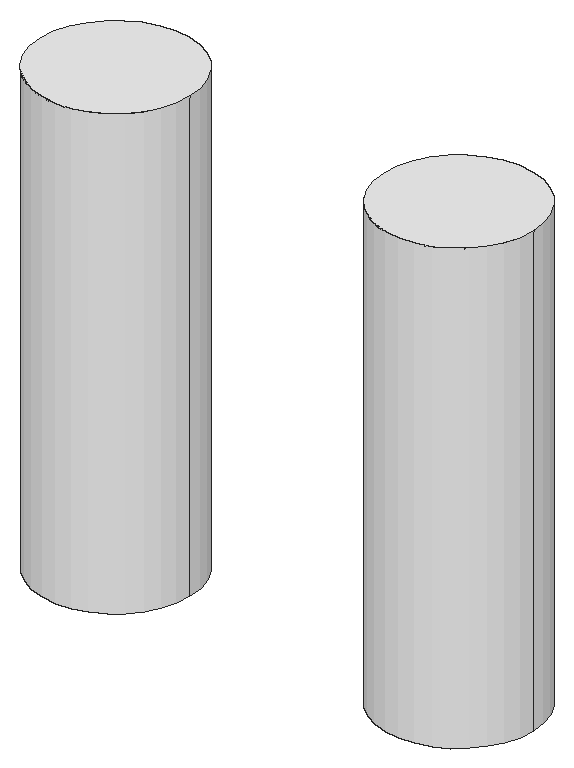
Revit family "52202267(2023)", category Plumbing Fixtures, Revit 2020
Family settings
  Round Connector Dimension = Use Diameter
  Part Type = Normal
  OmniClass Number = 23.45.55.00
  OmniClass Title = Sanitary Faucets, Wastes
  Work Plane-Based = No
  Always vertical = Yes
  Cut with Voids When Loaded = No
  Shared = No
  Room Calculation Point = No
Parameters (values of type "52202267 HANSAVANTIS")
  Working Pressure = "50 - 1000 kPa"
  WarrantyStartDate [instance] = "n/a"
  WarrantyGuarantorParts = "n/a"
  WarrantyGuarantorLabor = "n/a"
  WarrantyDurationUnit = "Year"
  WarrantyDurationParts = "n/a"
  WarrantyDurationLabor = "n/a"
  WarrantyDescription = "http://warranty.hansa.com"
  Warranty Information URL = "http://warranty.hansa.com"
  VersionDate = "16/01/2024"
  Version = "1"
  ValvePattern = "n/a"
  ValveOperation = "n/a"
  ValveMechanism = "n/a"
  Uniclass2015Reference = "Pr_40_20_87_96"
  Uniclass2015Description = "Washbasin manual water supply sets"
  Uniclass2 = "Pr_40_30_96_96"
  URL UWL = "http://static.hansa.com/UWL/52202267"
  URL REACH = "http://static.hansa.com/doc/reach"
  URL EcoLabel Declaration = "http://static.hansa.com/doc/EcoLabel"
  URL EU Packaging Declaration = "http://static.hansa.com/doc/packaging"
  URL Declaration of SCIP = "http://static.hansa.com/doc/SCIP"
  URL Declaration of Conformity = "http://static.hansa.com/DoC/52202267"
  URL Declaration of Asbestos = "http://static.hansa.com/doc/asbestos"
  URL Declaration Of Performance (DOP) = "http://static.hansa.com/doc/DoP"
  URL = ""
  UNSPSC Class Number = "30181700 Faucets or taps"
  TestPressure = "n/a"
  Temperature Adjustments = "Limitation option for maximum temperature and flow-rate "
  Technical DataSheet URL = "http://www.hansa.com/datasheet/52202267/en"
  TagNumber [instance] = "n/a"
  SustainabilityPerformance = "n/a"
  Surface treatment = "Chrome"
  Spout Type = "Swivel spout"
  Spout Swivel Range = "120°"
  Spout Projection = "247 mm"
  Spare-Part Information URL = "http://static.hansa.com/sp/52202267"
  Size = "54x261.5x338 mm"
  Shape = "Sculptured"
  SerialNumber [instance] = "n/a"
  Sales Package dimensions (LxWxH) = "508 x 249 x 96"
  Revision = "n/a"
  ReplacementCost = "n/a"
  ProductInformation = "Kitchen faucet with high spout"
  Product URL = "http://static.hansa.com/52202267"
  Product Image URL = "http://static.hansa.com/image/52202267"
  Product Family = "null Single-lever, side operated"
  Product Code = "52202267"
  OperatingMechanismMaterial = "n/a"
  NominalWidth = 46.5 mm
  NominalHeight = 361 mm
  NominalDepth = 247 mm
  Noise Class = "I (ISO 3822)"
  Name_en = "52202267 HANSAVANTIS"
  Name = "52202267 HANSAVANTIS"
  NBSReference = "45-35-70/371"
  NBSDescription = "Water supply fittings for wash basins and troughs"
  ModelReference = "52202267"
  ModelNumber = "n/a"
  Model = "52202267 HANSAVANTIS"
  Mobile Product Information URL = "http://mpi.hansa.com/52202267"
  Mechanical Parts = "30Cartridge"
  Max. Hot Water Supply = 70 °C
  Material = "Brass"
  Market = "International;Germany;Austria;Belgium;Netherlands;Czech Republic;Slovakia;Italy"
  ManufacturerURL = "http://www.hansa.com"
  ManufacturerName = "HANSA"
  Manufacturer = "HANSA"
  Lever Handle = "Single operating lever/handle;Pin shape;Hot/Cold symbols"
  Interactive AR View URL = "https://static.hansa.com/AR/52202267"
  InstallationDate [instance] = "n/a"
  Installation and Maintenance Guide URL = "http://static.hansa.com/manual/52202267"
  Installation Type = "Deck mounted"
  InletConnectionSize = 10 mm
  IfcExportType = "FAUCET"  # constant formula
  IfcExportAs = "IfcValveType"  # constant formula
  Group = "Sales item"
  Grade = "n/a"
  FlowCoefficient = 0
  Flow Rate At 300kPa With Flow Controller = 0.18 L/s
  Flow Drawing URL = "http://static.hansa.com/flowchart/52202267"
  Finish = "Polished"
  Features = "Kitchen faucet"
  FaucetMainMaterial = Chrome
  FDV Document URL = "http://www.hansa.com/datasheet/52202267/en/fdv"
  ExpectedLife = "n/a"
  ETIM Class Number = "EC011431 Kitchen mixing tap"
  EAN Number = "4057304019814"
  DurationUnit = "Year"
  Dimension Drawing URL = "http://static.hansa.com/dimdrw/52202267"
  Description = ""
  DefaultElevation [instance] = 900 mm
  Default Elevation = 0 mm
  Constituents = "n/a"
  Connection Size = "G3/8"
  Connection = "Flexible inlet pipes"
  Color = "Chrome"
  CodePerformance = "n/a"
  CloseOffRating = 0
  Catalog Drawing URL = "http://static.hansa.com/catdrw/52202267"
  Brand = "HANSA"
  BodyMaterial = "Brass"
  Barcode [instance] = "n/a"
  BIMObjectName = "52202267(2023)"
  Author = "BIMStone"
  AssetType = "Fixed"
  AssetIdentifier [instance] = "n/a"
  Aerator = "Standard aerator"
  Advanced Features = "Inner body made of DZR brass"
  AccessibilityPerformance = "n/a"
  3D View = "https://static.hansa.com/AR/52202267"
  2D/3D/BIM Files URL = "http://static.hansa.com/bim/52202267"
Reference planes
  plane 1 "Center (Front/Back)": y = 0
  plane 2: z = 0
  plane 3 "Center (Left/Right)": x = 0
  plane 4: x = -23.25
  plane 5: z = 900
  plane 6: z = 870
  plane 7: x = 23.25
  plane 8: y = -247
  plane 9: z = 1261
  plane 10: x = 73.906
Forms (mm)
  Extrusion 1, solid, material "Chrome" <- "FaucetMainMaterial"
    sketch origin (0, 47.989, 0) x (1, 0, 0) y (0, 1, 0)
      loop
        circle (-11.5, -71.208) r 5
      loop
        circle (11.5, -71.208) r 5
    from 870 to 900
Dimensions and locks
  "DefaultElevation": plane 5 to level
  locked: plane 5 to plane 6 at 30
  equal spacing: plane 4, plane 3 "Center (Left/Right)", plane 7
  "NominalWidth": plane 4 to plane 7
  "NominalDepth": plane 8 to plane 1 "Center (Front/Back)"
  "NominalHeight": plane 9 to plane 5
  plane 4 to plane 10 = 97.156 mm
  "InletConnectionSize": diameter of Extrusion 1 sketch curve  (x2)
  aligned and locked: level to plane 2
  aligned and locked: plane 5 to Extrusion 1
  aligned and locked: Extrusion 1 to plane 6
  aligned and locked: nested 2 to plane 5
Automatic sketch dimensions
  plane 3 "Center (Left/Right)" to Extrusion 1 sketch curve = 11.5 mm
  Extrusion 1 sketch curve to plane 3 "Center (Left/Right)" = 11.5 mm
  plane 1 "Center (Front/Back)" to Extrusion 1 sketch curve = 23.219 mm  (x2)
Nested families
  nested 1: "Symbol" at (0, 0, 0), type "Symbol", detail levels coarse
  nested 2: "52202267(2023)_p" at (0, 0, 900), Body <- "FaucetMainMaterial", type "52202267(2023)_p"
    with Body Chrome
Connectors
  piping at (-11.5, -23.219, 870), diameter 10, driven by "InletConnectionSize"
    settings: on Extrusion 1, index 1, connector inside diameter 609.6 mm, connector length 0 mm, flow factor 0, pipe flow 0.0 L/s, pressure drop 0.0 Pa, fitting loss kfactor 0, connector angle 0.00°, fixture units 0, engagement length 0 mm, angle of deflection 0.00°, flow configuration 1, flow direction 1, fitting loss method 0, system type 19, joint type 0, gender type 0, connector reference index -1, connector utility 0, adjustable connector no, is connector primary yes, connector description ""
  piping at (11.5, -23.219, 870), diameter 10, driven by "InletConnectionSize"
    settings: on Extrusion 1, index 2, connector inside diameter 609.6 mm, connector length 0 mm, flow factor 0, pipe flow 0.0 L/s, pressure drop 0.0 Pa, fitting loss kfactor 0, connector angle 0.00°, fixture units 0, engagement length 0 mm, angle of deflection 0.00°, flow configuration 1, flow direction 1, fitting loss method 0, system type 20, joint type 0, gender type 0, connector reference index -1, connector utility 0, adjustable connector no, is connector primary no, connector description ""
Definition of nested family "Symbol"
  Reference planes
    plane 1: y = 0
    plane 2: x = 0
  Lines and regions (mm)
    detail lines
      curve 1: line (0, 0, 0) -> (0, -1.8, 0)
      curve 2: line (-0.4, -1.1, 0) -> (0.4, -1.1, 0)
      curve 3: line (-0.4, -1.4, 0) -> (0.4, -1.4, 0)
      curve 4: line (0.863, 0, 0) -> (-0.863, 0, 0)
      curve 5: circle (-1.163, 0, 0) r 0.3 normal (0, 0, -1)
      curve 6: circle (1.163, 0, 0) r 0.3 normal (0, 0, 1)
Definition of nested family "52202267(2023)_p"
  Parameters
    Default Elevation = 0 mm
    Body [instance] = none
  Reference planes
    plane 1 "Center (Front/Back)": y = 0
    plane 2: z = 0
    plane 3 "Center (Left/Right)": x = 0
    plane 4: y = -246.993
    plane 5: z = 361
    plane 6: x = -23.227
    plane 7: x = 23.227
    plane 8: x = 73.906
  Forms (mm)
    Revolve 1, solid, material <- "Body", detail levels medium
      sketch origin (0, -23.231, 0) x (1, 0, 0) y (0, 0, 1)
        loop
          line (0, 0) -> (0, 119.955) -> (-11.41, 119.955) -> (-11.41, 116.651)
          arc (-11.41, 116.651) -> (-14.514, 109.159) -> (-22.006, 106.055) r 10.596
          line (-22.006, 106.055) -> (-23.227, 106.055) -> (-23.227, 0) -> (0, 0)
        axis (0, 119.955) -> (0, 0)
      angle from 0 to 360
    Sweep 2, solid, material <- "Body", detail levels medium
      path origin (0, 0, 0) x (0, 1, 0) y (0, 0, 1)
        loop
          line (-23.231, 119.955) -> (-23.231, 244.483)
          arc (-23.231, 244.483) -> (-109.998, 347.888) -> (-226.898, 280.395) r 105
          line (-226.898, 280.395) -> (-237.859, 250.28)
      profile origin (0, -23.231, 182.219) x (0, -1, 0) y (1, 0, 0)
        loop
          circle (0, 0) r 11.41
    Extrusion 3, solid, material <- "Body", detail levels medium
      sketch origin (0, 0, 0) x (0, 1, 0) y (0, 0, 1)
        loop
          circle (-23.35, 63.254) r 21
      from 0 to 73.906
    Revolve 4, solid, material <- "Body", detail levels medium
      sketch origin (68.39, 0, 0) x (0, 1, 0) y (0, 0, 1)
        loop
          line (-63.264, 132.518) -> (-30.764, 76.226) -> (-26.236, 78.84) -> (-57.737, 133.4)
          arc (-57.737, 133.4) -> (-58.951, 134.332) -> (-60.467, 134.132) r 1.999
          line (-60.467, 134.132) -> (-63.264, 132.518)
        axis (-63.264, 132.518) -> (-30.764, 76.226)
      angle from 0 to 360
    Extrusion 5, solid, material <- "Body", detail levels coarse
      sketch origin (0, 0, 0) x (1, 0, 0) y (0, 1, 0)
        loop
          line (-23.227, 0) -> (-23.227, -246.993) -> (73.906, -246.993) -> (73.906, 0) -> (-23.227, 0)
      from 0 to 361
  Cuts and joins
    joined: Revolve 1, Sweep 2, Extrusion 3, Revolve 4
  Lines and regions (mm)
    symbolic lines, detail levels medium+fine
      curve 1: line (0, 0, 0) -> (0, -46.438, 0)
      curve 2: line (0, -46.438, 0) -> (0, -46.438, 92.61)
      curve 7: line (0, -46.438, 92.61) -> (0, -66.819, 128.206)
      curve 8: line (0, -60.47, 134.13) -> (0, -66.019, 130.953)
      curve 9: arc (0, -66.019, 130.953) -> (0, -66.974, 129.741) -> (0, -66.819, 128.206) r 2.06
      curve 10: arc (0, -57.729, 133.385) -> (0, -58.945, 134.326) -> (0, -60.47, 134.13) r 2.009
      curve 11: line (0, -57.729, 133.385) -> (0, -42.195, 106.777)
      curve 12: arc (0, -42.195, 106.777) -> (0, -36.46, 111.019) -> (0, -34.607, 117.907) r 10.828
      curve 13: line (0, -34.607, 117.907) -> (0, -34.607, 245.499)
      curve 14: arc (0, -34.607, 245.499) -> (0, -110.959, 336.837) -> (0, -214.388, 277.891) r 92.809
      curve 15: line (0, -214.388, 277.891) -> (0, -225.47, 246.853)
      curve 16: arc (0, -225.47, 246.853) -> (0, -225.996, 246.272) -> (0, -226.778, 246.233) r 1.024
      curve 17: line (0, -226.778, 246.233) -> (0, -246.312, 253.343)
      curve 18: arc (0, -246.312, 253.343) -> (0, -246.887, 253.869) -> (0, -246.921, 254.648) r 1.019
      curve 19: line (0, -246.921, 254.648) -> (0, -235.871, 285.005)
      curve 20: arc (0, -235.871, 285.005) -> (0, -193.563, 340.129) -> (0, -127.283, 361) r 115.497
      curve 21: arc (0, -127.283, 361) -> (0, -45.574, 327.108) -> (0, -11.762, 245.365) r 115.578
      curve 22: line (0, -11.762, 245.365) -> (0, -11.762, 117.837)
      curve 23: arc (0, -11.762, 117.837) -> (0, -8.708, 109.894) -> (0, -1.119, 106.045) r 11.854
      curve 24: arc (0, -1.119, 106.045) -> (0, -0.346, 105.669) -> (0, 0, 104.883) r 1.249
      curve 25: line (0, 0, 104.883) -> (0, 0, 0)
      curve 28: line (0, 0, 0) -> (-23.245, 0, 0)
      curve 29: line (-23.245, 0, 0) -> (-23.245, 0, 105)
      curve 30: arc (-23.245, 0, 105) -> (-22.868, 0, 105.809) -> (-22.006, 0, 106.041) r 1.057
      curve 31: line (-11.411, 0, 349.693) -> (-11.411, 0, 117.757)
      curve 32: arc (-11.411, 0, 117.757) -> (-14.453, 0, 109.859) -> (-22.006, 0, 106.041) r 11.775
      curve 33: arc (0, 0, 361) -> (-8.063, 0, 357.725) -> (-11.411, 0, 349.693) r 11.307
      curve 35: line (0, 0, 0) -> (23.245, 0, 0)
      curve 36: line (23.245, 0, 0) -> (23.245, 0, 37.27)
      curve 37: arc (23.245, 0, 105) -> (22.868, 0, 105.809) -> (22.006, 0, 106.041) r 1.057
      curve 38: line (11.411, 0, 349.693) -> (11.411, 0, 117.757)
      curve 39: arc (11.411, 0, 117.757) -> (14.453, 0, 109.859) -> (22.006, 0, 106.041) r 11.775
      curve 40: arc (0, 0, 361) -> (8.063, 0, 357.725) -> (11.411, 0, 349.693) r 11.307
      curve 43: line (41.194, 0, 42.257) -> (28.8, 0, 42.257)
      curve 44: arc (28.8, 0, 42.257) -> (25.068, 0, 40.828) -> (23.245, 0, 37.27) r 5.587
      curve 45: line (41.194, 0, 42.257) -> (41.194, 0, 43.405)
      curve 46: line (41.194, 0, 84.253) -> (28.37, 0, 84.253)
      curve 47: arc (28.37, 0, 84.253) -> (24.706, 0, 85.795) -> (23.245, 0, 89.491) r 5.126
      curve 48: line (23.245, 0, 89.491) -> (23.245, 0, 105)
      curve 52: line (41.194, 0, 43.405) -> (43.515, 0, 44.07)
      curve 53: arc (43.515, 0, 44.07) -> (45.054, 0, 44.627) -> (46.503, 0, 45.385) r 12.11
      curve 55: line (72.352, 0, 42.287) -> (49.555, 0, 42.287)
      curve 56: arc (49.555, 0, 42.287) -> (48.783, 0, 42.471) -> (48.179, 0, 42.984) r 1.706
      curve 57: arc (48.179, 0, 42.984) -> (47.327, 0, 44.175) -> (46.503, 0, 45.385) r 63.042
      curve 58: arc (73.906, 0, 43.927) -> (73.482, 0, 42.773) -> (72.352, 0, 42.287) r 1.556
      curve 59: line (73.906, 0, 43.927) -> (73.906, 0, 130.607)
      curve 60: arc (73.906, 0, 130.607) -> (73.209, 0, 132.734) -> (71.387, 0, 134.034) r 3.591
      curve 61: arc (71.387, 0, 134.034) -> (68.253, 0, 134.423) -> (65.183, 0, 133.687) r 8.849
      curve 62: arc (65.183, 0, 133.687) -> (63.79, 0, 132.426) -> (63.431, 0, 130.582) r 2.975
      curve 63: line (63.431, 0, 130.582) -> (62.93, 0, 86.747)
      curve 64: line (43.166, 0, 84.274) -> (61.286, 0, 84.274)
      curve 65: arc (62.93, 0, 86.747) -> (62.871, 0, 85.987) -> (62.715, 0, 85.241) r 5.846
      curve 66: arc (62.715, 0, 85.241) -> (62.178, 0, 84.496) -> (61.286, 0, 84.274) r 1.334
      curve 67: line (43.166, 0, 84.274) -> (43.166, 0, 82.482)
      curve 70: line (43.166, 0, 82.482) -> (41.194, 0, 83.048)
      curve 71: line (41.194, 0, 83.048) -> (41.194, 0, 84.253)
      curve 73: line (-11.579, -43.321, 0) -> (-11.579, -236.414, 0)
      curve 74: arc (-11.579, -236.414, 0) -> (-8.121, -244.256, 0) -> (0, -246.993, 0) r 10.623
      curve 78: arc (11.579, -236.414, 0) -> (8.121, -244.256, 0) -> (0, -246.993, 0) r 10.623
      curve 82: line (41.2, -44.229, 0) -> (15.824, -44.229, 0)
      curve 83: arc (15.824, -44.229, 0) -> (13.697, -44.295, 0) -> (11.579, -44.492, 0) r 34.418
      curve 84: line (11.579, -44.492, 0) -> (11.579, -236.414, 0)
      curve 85: line (41.2, -43.07, 0) -> (41.2, -44.229, 0)
      curve 86: line (43.192, -42.498, 0) -> (41.2, -43.07, 0)
      curve 87: line (43.192, -42.498, 0) -> (43.192, -43.803, 0)
      curve 88: arc (43.192, -43.803, 0) -> (43.316, -44.104, 0) -> (43.618, -44.229, 0) r 0.426
      curve 89: line (43.618, -44.229, 0) -> (63.077, -44.229, 0)
      curve 90: line (63.077, -44.229, 0) -> (63.393, -62.33, 0)
      curve 91: arc (63.393, -62.33, 0) -> (64.453, -65.249, 0) -> (67.082, -66.902, 0) r 4.781
      curve 92: arc (67.082, -66.902, 0) -> (71.491, -66.098, 0) -> (73.906, -62.323, 0) r 5.613
      curve 93: line (73.906, -62.323, 0) -> (73.906, -3.625, 0)
      curve 94: arc (73.906, -3.625, 0) -> (73.506, -2.657, 0) -> (72.538, -2.256, 0) r 1.368
      curve 95: line (72.538, -2.256, 0) -> (46.729, -2.256, 0)
      curve 96: arc (46.729, -2.256, 0) -> (46.155, -2.356, 0) -> (45.647, -2.642, 0) r 1.71
      curve 97: arc (45.647, -2.642, 0) -> (44.77, -3.418, 0) -> (43.956, -4.26, 0) r 14.938
      curve 98: line (41.2, -3.441, 0) -> (42.717, -3.82, 0)
      curve 99: arc (42.717, -3.82, 0) -> (43.348, -4.01, 0) -> (43.956, -4.26, 0) r 6.786
      curve 100: line (41.2, -3.441, 0) -> (41.2, -2.539, 0)
      curve 101: arc (41.2, -2.539, 0) -> (41.113, -2.328, 0) -> (40.902, -2.241, 0) r 0.298
      curve 102: line (40.902, -2.241, 0) -> (15.902, -2.241, 0)
      curve 103: arc (15.902, -2.241, 0) -> (11.89, -2.018, 0) -> (7.927, -1.353, 0) r 36.267
      curve 110: arc (7.927, -1.353, 0) -> (-21.063, -13.396, 0) -> (-11.579, -43.321, 0) r 23.227
    symbolic lines, detail levels fine
      curve 3: line (0, -46.438, 92.61) -> (0, -46.438, 104.971)
      curve 4: arc (0, -46.438, 104.971) -> (0, -46.18, 105.688) -> (0, -45.523, 106.075) r 1.124
      curve 5: line (0, -45.523, 106.075) -> (0, -43.394, 106.478)
      curve 6: arc (0, -43.394, 106.478) -> (0, -42.79, 106.611) -> (0, -42.195, 106.777) r 10.828
      curve 26: line (0, -1.119, 106.045) -> (0, -45.683, 106.045)
      curve 27: line (0, -219.929, 262.372) -> (0, -241.281, 270.143)
      curve 34: line (-22.006, 0, 106.041) -> (0, 0, 106.041)
      curve 41: line (22.006, 0, 106.041) -> (0, 0, 106.041)
      curve 42: spline (11.411, 0, 250.226) -> (11.023, 0, 251.349) -> (9.883, 0, 252.396) -> (8.069, 0, 253.295) -> (5.706, 0, 253.985) -> (2.953, 0, 254.419) -> (0, 0, 254.567) -> (-2.953, 0, 254.419) -> (-5.706, 0, 253.985) -> (-8.069, 0, 253.295) -> (-9.883, 0, 252.396) -> (-11.023, 0, 251.349) -> (-11.411, 0, 250.226) -> (-11.023, 0, 249.102) -> (-9.883, 0, 248.055) -> (-8.069, 0, 247.156) -> (-5.706, 0, 246.466) -> (-2.953, 0, 246.032) -> (0, 0, 245.884) -> (2.953, 0, 246.032) -> (5.706, 0, 246.466) -> (8.069, 0, 247.156) -> (9.883, 0, 248.055) -> (11.023, 0, 249.102) -> (11.411, 0, 250.226)
      curve 49: line (24.706, 0, 85.795) -> (12.95, 0, 69.614)
      curve 50: arc (12.95, 0, 69.614) -> (10.922, 0, 62.833) -> (13.577, 0, 56.272) r 10.684
      curve 51: line (13.577, 0, 56.272) -> (25.373, 0, 41.083)
      curve 54: line (41.194, 0, 43.405) -> (41.194, 0, 83.048)
      curve 68: arc (43.166, 0, 54.274) -> (43.314, 0, 52.828) -> (43.752, 0, 51.442) r 7.131
      curve 69: arc (43.752, 0, 51.442) -> (45.101, 0, 48.401) -> (46.503, 0, 45.385) r 186.065
      curve 72: line (43.166, 0, 82.482) -> (43.166, 0, 54.274)
      curve 75: line (-11.579, -43.321, 0) -> (-11.579, -23.321, 0)
      curve 76: arc (-11.579, -23.321, 0) -> (-8.185, -15.148, 0) -> (0, -11.782, 0) r 11.539
      curve 77: line (11.579, -43.321, 0) -> (11.579, -44.492, 0)
      curve 79: line (11.579, -43.321, 0) -> (11.579, -23.321, 0)
      curve 80: arc (11.579, -23.321, 0) -> (8.185, -15.148, 0) -> (0, -11.782, 0) r 11.539
      curve 81: arc (11.579, -43.321, 0) -> (23.14, -21.172, 0) -> (7.927, -1.353, 0) r 23.227
      curve 104: line (41.2, -3.441, 0) -> (41.2, -43.07, 0)
      curve 105: line (63.077, -44.229, 0) -> (62.942, -36.462, 0)
      curve 106: arc (62.942, -36.462, 0) -> (63.837, -33.659, 0) -> (66.251, -31.977, 0) r 4.586
      curve 107: arc (66.251, -31.977, 0) -> (70.938, -32.488, 0) -> (73.906, -36.151, 0) r 6.192
      curve 108: line (43.192, -42.498, 0) -> (43.192, -6.167, 0)
      curve 109: arc (43.192, -6.167, 0) -> (43.39, -5.139, 0) -> (43.956, -4.26, 0) r 2.759
  Dimensions and locks
    aligned and locked: level to plane 2
